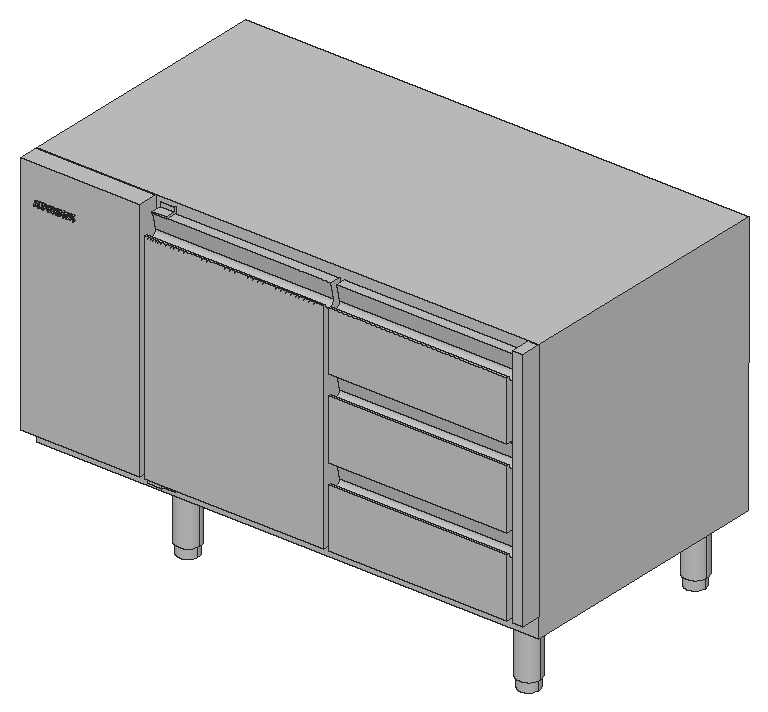
Revit family "QF_ALPENINOX_721106_AA2R7AC", category Attrezzature speciali, Revit 2018 (continued)
Definition of nested family "HP_APX_BI_TN_L"
  Lines and regions (mm)
    Split face 120
      outline origin (330, -951.3, 50) x (1, 0, 0) y (0, 1, 0)
        loop
          line (-328.464, 649.474) -> (-286.464, 649.474)
          arc (-286.464, 649.474) -> (-282.464, 653.474) -> (-286.464, 657.474) r 4
          line (-286.464, 657.474) -> (-328.464, 657.474)
    Split face 121
      outline origin (110, -951.3, 50) x (1, 0, 0) y (0, 1, 0)
        loop
          arc (-218.464, 657.474) -> (-222.464, 653.474) -> (-218.464, 649.474) r 4
          line (-218.464, 649.474) -> (-176.464, 649.474)
          arc (-176.464, 649.474) -> (-172.464, 653.474) -> (-176.464, 657.474) r 4
          line (-176.464, 657.474) -> (-218.464, 657.474)
    Split face 122
      outline origin (220, -951.3, 50) x (1, 0, 0) y (0, 1, 0)
        loop
          arc (-273.464, 657.474) -> (-277.464, 653.474) -> (-273.464, 649.474) r 4
          line (-273.464, 649.474) -> (-231.464, 649.474)
          arc (-231.464, 649.474) -> (-227.464, 653.474) -> (-231.464, 657.474) r 4
          line (-231.464, 657.474) -> (-273.464, 657.474)
    Split face 123
      outline origin (0, -975.3, 50) x (1, 0, 0) y (0, 1, 0)
        loop
          arc (-163.464, 669.474) -> (-167.464, 665.474) -> (-163.464, 661.474) r 4
          line (-163.464, 661.474) -> (-121.464, 661.474)
          arc (-121.464, 661.474) -> (-117.464, 665.474) -> (-121.464, 669.474) r 4
          line (-121.464, 669.474) -> (-163.464, 669.474)
    Split face 124
      outline origin (330, -975.3, 50) x (1, 0, 0) y (0, 1, 0)
        loop
          arc (-328.464, 669.474) -> (-332.464, 665.474) -> (-328.464, 661.474) r 4
          line (-328.464, 661.474) -> (-286.464, 661.474)
          arc (-286.464, 661.474) -> (-282.464, 665.474) -> (-286.464, 669.474) r 4
          line (-286.464, 669.474) -> (-328.464, 669.474)
    Split face 125
      outline origin (110, -975.3, 50) x (1, 0, 0) y (0, 1, 0)
        loop
          arc (-218.464, 669.474) -> (-222.464, 665.474) -> (-218.464, 661.474) r 4
          line (-218.464, 661.474) -> (-176.464, 661.474)
          arc (-176.464, 661.474) -> (-172.464, 665.474) -> (-176.464, 669.474) r 4
          line (-176.464, 669.474) -> (-218.464, 669.474)
    Split face 126
      outline origin (220, -975.3, 50) x (1, 0, 0) y (0, 1, 0)
        loop
          arc (-273.464, 669.474) -> (-277.464, 665.474) -> (-273.464, 661.474) r 4
          line (-273.464, 661.474) -> (-231.464, 661.474)
          arc (-231.464, 661.474) -> (-227.464, 665.474) -> (-231.464, 669.474) r 4
          line (-231.464, 669.474) -> (-273.464, 669.474)
    Split face 127
      outline origin (0, -999.3, 50) x (1, 0, 0) y (0, 1, 0)
        loop
          arc (-163.464, 681.474) -> (-167.464, 677.474) -> (-163.464, 673.474) r 4
          line (-163.464, 673.474) -> (-121.464, 673.474)
          arc (-121.464, 673.474) -> (-117.464, 677.474) -> (-121.464, 681.474) r 4
          line (-121.464, 681.474) -> (-163.464, 681.474)
    Split face 128
      outline origin (330, -999.3, 50) x (1, 0, 0) y (0, 1, 0)
        loop
          arc (-328.464, 681.474) -> (-332.464, 677.474) -> (-328.464, 673.474) r 4
          line (-328.464, 673.474) -> (-286.464, 673.474)
          arc (-286.464, 673.474) -> (-282.464, 677.474) -> (-286.464, 681.474) r 4
          line (-286.464, 681.474) -> (-328.464, 681.474)
    Split face 129
      outline origin (110, -999.3, 50) x (1, 0, 0) y (0, 1, 0)
        loop
          arc (-218.464, 681.474) -> (-222.464, 677.474) -> (-218.464, 673.474) r 4
          line (-218.464, 673.474) -> (-176.464, 673.474)
          arc (-176.464, 673.474) -> (-172.464, 677.474) -> (-176.464, 681.474) r 4
          line (-176.464, 681.474) -> (-218.464, 681.474)
    Split face 130
      outline origin (220, -999.3, 50) x (1, 0, 0) y (0, 1, 0)
        loop
          arc (-273.464, 681.474) -> (-277.464, 677.474) -> (-273.464, 673.474) r 4
          line (-273.464, 673.474) -> (-231.464, 673.474)
          arc (-231.464, 673.474) -> (-227.464, 677.474) -> (-231.464, 681.474) r 4
          line (-231.464, 681.474) -> (-273.464, 681.474)
    Split face 131
      outline origin (0, -1023.3, 50) x (1, 0, 0) y (0, 1, 0)
        loop
          arc (-163.464, 693.474) -> (-167.464, 689.474) -> (-163.464, 685.474) r 4
          line (-163.464, 685.474) -> (-121.464, 685.474)
          arc (-121.464, 685.474) -> (-117.464, 689.474) -> (-121.464, 693.474) r 4
          line (-121.464, 693.474) -> (-163.464, 693.474)
    Split face 132
      outline origin (330, -1023.3, 50) x (1, 0, 0) y (0, 1, 0)
        loop
          arc (-328.464, 693.474) -> (-332.464, 689.474) -> (-328.464, 685.474) r 4
          line (-328.464, 685.474) -> (-286.464, 685.474)
          arc (-286.464, 685.474) -> (-282.464, 689.474) -> (-286.464, 693.474) r 4
          line (-286.464, 693.474) -> (-328.464, 693.474)
    Split face 133
      outline origin (110, -1023.3, 50) x (1, 0, 0) y (0, 1, 0)
        loop
          arc (-218.464, 693.474) -> (-222.464, 689.474) -> (-218.464, 685.474) r 4
          line (-218.464, 685.474) -> (-176.464, 685.474)
          arc (-176.464, 685.474) -> (-172.464, 689.474) -> (-176.464, 693.474) r 4
          line (-176.464, 693.474) -> (-218.464, 693.474)
    Split face 134
      outline origin (220, -1023.3, 50) x (1, 0, 0) y (0, 1, 0)
        loop
          arc (-273.464, 693.474) -> (-277.464, 689.474) -> (-273.464, 685.474) r 4
          line (-273.464, 685.474) -> (-231.464, 685.474)
          arc (-231.464, 685.474) -> (-227.464, 689.474) -> (-231.464, 693.474) r 4
          line (-231.464, 693.474) -> (-273.464, 693.474)
    symbolic lines
      curve 1: line (87.08, -49, 50) -> (87.08, -49, 0)
  Dimensions and locks
    equal spacing: plane 6, plane 1 "Center (Front/Back)", plane 7
    equal spacing: plane 4, plane 3 "Center (Left/Right)", plane 5
    aligned and locked: plane 2 to Extrusion 1
    aligned and locked: level to Extrusion 1
  Automatic sketch dimensions
    Split face 5 sketch curve to Split face 5 sketch curve = 42 mm
    Split face 5 sketch curve to Split face 5 sketch curve = 4 mm
    Split face 6 sketch curve to Split face 6 sketch curve = 42 mm
    Split face 6 sketch curve to Split face 6 sketch curve = 4 mm
    Split face 7 sketch curve to Split face 7 sketch curve = 42 mm
    Split face 7 sketch curve to Split face 7 sketch curve = 4 mm
    Split face 8 sketch curve to Split face 8 sketch curve = 42 mm
    Split face 8 sketch curve to Split face 8 sketch curve = 4 mm
    Split face 9 sketch curve to Split face 9 sketch curve = 42 mm
    Split face 9 sketch curve to Split face 9 sketch curve = 4 mm
    Split face 10 sketch curve to Split face 10 sketch curve = 42 mm
    Split face 10 sketch curve to Split face 10 sketch curve = 4 mm
    Split face 11 sketch curve to Split face 11 sketch curve = 42 mm
    Split face 11 sketch curve to Split face 11 sketch curve = 4 mm
    Split face 12 sketch curve to Split face 12 sketch curve = 42 mm
    Split face 12 sketch curve to Split face 12 sketch curve = 4 mm
    Split face 13 sketch curve to Split face 13 sketch curve = 42 mm
    Split face 13 sketch curve to Split face 13 sketch curve = 4 mm
    Split face 14 sketch curve to Split face 14 sketch curve = 42 mm
    Split face 14 sketch curve to Split face 14 sketch curve = 4 mm
    Split face 15 sketch curve to Split face 15 sketch curve = 42 mm
    Split face 15 sketch curve to Split face 15 sketch curve = 4 mm
    Split face 16 sketch curve to Split face 16 sketch curve = 42 mm
    Split face 16 sketch curve to Split face 16 sketch curve = 4 mm
    Split face 17 sketch curve to Split face 17 sketch curve = 42 mm
    Split face 17 sketch curve to Split face 17 sketch curve = 4 mm
    Split face 18 sketch curve to Split face 18 sketch curve = 42 mm
    Split face 18 sketch curve to Split face 18 sketch curve = 4 mm
    Split face 19 sketch curve to Split face 19 sketch curve = 42 mm
    Split face 19 sketch curve to Split face 19 sketch curve = 4 mm
    Split face 20 sketch curve to Split face 20 sketch curve = 42 mm
    Split face 20 sketch curve to Split face 20 sketch curve = 4 mm
    Split face 21 sketch curve to Split face 21 sketch curve = 42 mm
    Split face 21 sketch curve to Split face 21 sketch curve = 4 mm
    Split face 22 sketch curve to Split face 22 sketch curve = 42 mm
    Split face 22 sketch curve to Split face 22 sketch curve = 4 mm
    Split face 23 sketch curve to Split face 23 sketch curve = 42 mm
    Split face 23 sketch curve to Split face 23 sketch curve = 4 mm
    Split face 24 sketch curve to Split face 24 sketch curve = 42 mm
    Split face 24 sketch curve to Split face 24 sketch curve = 4 mm
    Split face 25 sketch curve to Split face 25 sketch curve = 42 mm
    Split face 25 sketch curve to Split face 25 sketch curve = 4 mm
    Split face 26 sketch curve to Split face 26 sketch curve = 42 mm
    Split face 26 sketch curve to Split face 26 sketch curve = 4 mm
    Split face 27 sketch curve to Split face 27 sketch curve = 42 mm
    Split face 27 sketch curve to Split face 27 sketch curve = 4 mm
    Split face 28 sketch curve to Split face 28 sketch curve = 42 mm
    Split face 28 sketch curve to Split face 28 sketch curve = 4 mm
    Split face 29 sketch curve to Split face 29 sketch curve = 42 mm
    Split face 29 sketch curve to Split face 29 sketch curve = 4 mm
    Split face 30 sketch curve to Split face 30 sketch curve = 42 mm
    Split face 30 sketch curve to Split face 30 sketch curve = 4 mm
    Split face 31 sketch curve to Split face 31 sketch curve = 42 mm
    Split face 31 sketch curve to Split face 31 sketch curve = 4 mm
    Split face 32 sketch curve to Split face 32 sketch curve = 42 mm
    Split face 32 sketch curve to Split face 32 sketch curve = 4 mm
    Split face 33 sketch curve to Split face 33 sketch curve = 42 mm
    Split face 33 sketch curve to Split face 33 sketch curve = 4 mm
    Split face 34 sketch curve to Split face 34 sketch curve = 42 mm
    Split face 34 sketch curve to Split face 34 sketch curve = 4 mm
    Split face 35 sketch curve to Split face 35 sketch curve = 42 mm
    Split face 35 sketch curve to Split face 35 sketch curve = 4 mm
    Split face 36 sketch curve to Split face 36 sketch curve = 42 mm
    Split face 36 sketch curve to Split face 36 sketch curve = 4 mm
    Split face 37 sketch curve to Split face 37 sketch curve = 42 mm
    Split face 37 sketch curve to Split face 37 sketch curve = 4 mm
    Split face 38 sketch curve to Split face 38 sketch curve = 42 mm
    Split face 38 sketch curve to Split face 38 sketch curve = 4 mm
    Split face 39 sketch curve to Split face 39 sketch curve = 42 mm
    Split face 39 sketch curve to Split face 39 sketch curve = 4 mm
    Split face 40 sketch curve to Split face 40 sketch curve = 42 mm
    Split face 40 sketch curve to Split face 40 sketch curve = 4 mm
    Split face 41 sketch curve to Split face 41 sketch curve = 42 mm
    Split face 41 sketch curve to Split face 41 sketch curve = 4 mm
    Split face 42 sketch curve to Split face 42 sketch curve = 42 mm
    Split face 42 sketch curve to Split face 42 sketch curve = 4 mm
    Split face 43 sketch curve to Split face 43 sketch curve = 42 mm
    Split face 43 sketch curve to Split face 43 sketch curve = 4 mm
    Split face 44 sketch curve to Split face 44 sketch curve = 42 mm
    Split face 44 sketch curve to Split face 44 sketch curve = 4 mm
    Split face 45 sketch curve to Split face 45 sketch curve = 42 mm
    Split face 45 sketch curve to Split face 45 sketch curve = 4 mm
    Split face 46 sketch curve to Split face 46 sketch curve = 42 mm
    Split face 46 sketch curve to Split face 46 sketch curve = 4 mm
    Split face 47 sketch curve to Split face 47 sketch curve = 42 mm
    Split face 47 sketch curve to Split face 47 sketch curve = 4 mm
    Split face 48 sketch curve to Split face 48 sketch curve = 42 mm
    Split face 48 sketch curve to Split face 48 sketch curve = 4 mm
    Split face 49 sketch curve to Split face 49 sketch curve = 42 mm
    Split face 49 sketch curve to Split face 49 sketch curve = 4 mm
    Split face 50 sketch curve to Split face 50 sketch curve = 42 mm
    Split face 50 sketch curve to Split face 50 sketch curve = 4 mm
    Split face 51 sketch curve to Split face 51 sketch curve = 42 mm
    Split face 51 sketch curve to Split face 51 sketch curve = 4 mm
    Split face 52 sketch curve to Split face 52 sketch curve = 42 mm
    Split face 52 sketch curve to Split face 52 sketch curve = 4 mm
    Split face 53 sketch curve to Split face 53 sketch curve = 42 mm
    Split face 53 sketch curve to Split face 53 sketch curve = 4 mm
    Split face 54 sketch curve to Split face 54 sketch curve = 42 mm
    Split face 54 sketch curve to Split face 54 sketch curve = 4 mm
    Split face 55 sketch curve to Split face 55 sketch curve = 42 mm
    Split face 55 sketch curve to Split face 55 sketch curve = 4 mm
    Split face 56 sketch curve to Split face 56 sketch curve = 42 mm
    Split face 56 sketch curve to Split face 56 sketch curve = 4 mm
    Split face 57 sketch curve to Split face 57 sketch curve = 42 mm
    Split face 57 sketch curve to Split face 57 sketch curve = 4 mm
    Split face 58 sketch curve to Split face 58 sketch curve = 42 mm
    Split face 58 sketch curve to Split face 58 sketch curve = 4 mm
    Split face 59 sketch curve to Split face 59 sketch curve = 42 mm
    Split face 59 sketch curve to Split face 59 sketch curve = 4 mm
    Split face 60 sketch curve to Split face 60 sketch curve = 42 mm
    Split face 60 sketch curve to Split face 60 sketch curve = 4 mm
    Split face 61 sketch curve to Split face 61 sketch curve = 42 mm
    Split face 61 sketch curve to Split face 61 sketch curve = 4 mm
    Split face 62 sketch curve to Split face 62 sketch curve = 42 mm
    Split face 62 sketch curve to Split face 62 sketch curve = 4 mm
    Split face 63 sketch curve to Split face 63 sketch curve = 42 mm
    Split face 63 sketch curve to Split face 63 sketch curve = 4 mm
    Split face 64 sketch curve to Split face 64 sketch curve = 42 mm
    Split face 64 sketch curve to Split face 64 sketch curve = 4 mm
    Split face 65 sketch curve to Split face 65 sketch curve = 42 mm
    Split face 65 sketch curve to Split face 65 sketch curve = 4 mm
    Split face 66 sketch curve to Split face 66 sketch curve = 42 mm
    Split face 66 sketch curve to Split face 66 sketch curve = 4 mm
    Split face 67 sketch curve to Split face 67 sketch curve = 42 mm
    Split face 67 sketch curve to Split face 67 sketch curve = 4 mm
    Split face 68 sketch curve to Split face 68 sketch curve = 42 mm
    Split face 68 sketch curve to Split face 68 sketch curve = 4 mm
    Split face 69 sketch curve to Split face 69 sketch curve = 42 mm
    Split face 69 sketch curve to Split face 69 sketch curve = 4 mm
    Split face 71 sketch curve to Split face 71 sketch curve = 42 mm
    Split face 71 sketch curve to Split face 71 sketch curve = 4 mm
    Split face 72 sketch curve to Split face 72 sketch curve = 42 mm
    Split face 72 sketch curve to Split face 72 sketch curve = 4 mm
    Split face 73 sketch curve to Split face 73 sketch curve = 42 mm
    Split face 73 sketch curve to Split face 73 sketch curve = 4 mm
    Split face 74 sketch curve to Split face 74 sketch curve = 42 mm
    Split face 74 sketch curve to Split face 74 sketch curve = 4 mm
    Split face 75 sketch curve to Split face 75 sketch curve = 42 mm
    Split face 75 sketch curve to Split face 75 sketch curve = 4 mm
    Split face 76 sketch curve to Split face 76 sketch curve = 42 mm
    Split face 76 sketch curve to Split face 76 sketch curve = 4 mm
    Split face 77 sketch curve to Split face 77 sketch curve = 42 mm
    Split face 77 sketch curve to Split face 77 sketch curve = 4 mm
    Split face 78 sketch curve to Split face 78 sketch curve = 42 mm
    Split face 78 sketch curve to Split face 78 sketch curve = 4 mm
    Split face 79 sketch curve to Split face 79 sketch curve = 42 mm
    Split face 79 sketch curve to Split face 79 sketch curve = 4 mm
    Split face 80 sketch curve to Split face 80 sketch curve = 42 mm
    Split face 80 sketch curve to Split face 80 sketch curve = 4 mm
    Split face 81 sketch curve to Split face 81 sketch curve = 42 mm
    Split face 81 sketch curve to Split face 81 sketch curve = 4 mm
    Split face 82 sketch curve to Split face 82 sketch curve = 42 mm
    Split face 82 sketch curve to Split face 82 sketch curve = 4 mm
    Split face 83 sketch curve to Split face 83 sketch curve = 42 mm
    Split face 83 sketch curve to Split face 83 sketch curve = 4 mm
    Split face 84 sketch curve to Split face 84 sketch curve = 42 mm
    Split face 84 sketch curve to Split face 84 sketch curve = 4 mm
    Split face 85 sketch curve to Split face 85 sketch curve = 42 mm
    Split face 85 sketch curve to Split face 85 sketch curve = 4 mm
    Split face 86 sketch curve to Split face 86 sketch curve = 42 mm
    Split face 86 sketch curve to Split face 86 sketch curve = 4 mm
    Split face 87 sketch curve to Split face 87 sketch curve = 42 mm
    Split face 87 sketch curve to Split face 87 sketch curve = 4 mm
    Split face 88 sketch curve to Split face 88 sketch curve = 42 mm
    Split face 88 sketch curve to Split face 88 sketch curve = 4 mm
    Split face 89 sketch curve to Split face 89 sketch curve = 42 mm
    Split face 89 sketch curve to Split face 89 sketch curve = 4 mm
    Split face 90 sketch curve to Split face 90 sketch curve = 42 mm
    Split face 90 sketch curve to Split face 90 sketch curve = 4 mm
    Split face 91 sketch curve to Split face 91 sketch curve = 42 mm
    Split face 91 sketch curve to Split face 91 sketch curve = 4 mm
    Split face 92 sketch curve to Split face 92 sketch curve = 42 mm
    Split face 92 sketch curve to Split face 92 sketch curve = 4 mm
    Split face 93 sketch curve to Split face 93 sketch curve = 42 mm
    Split face 93 sketch curve to Split face 93 sketch curve = 4 mm
    Split face 94 sketch curve to Split face 94 sketch curve = 42 mm
    Split face 94 sketch curve to Split face 94 sketch curve = 4 mm
    Split face 95 sketch curve to Split face 95 sketch curve = 42 mm
    Split face 95 sketch curve to Split face 95 sketch curve = 4 mm
    Split face 96 sketch curve to Split face 96 sketch curve = 42 mm
    Split face 96 sketch curve to Split face 96 sketch curve = 4 mm
    Split face 97 sketch curve to Split face 97 sketch curve = 42 mm
    Split face 97 sketch curve to Split face 97 sketch curve = 4 mm
    Split face 98 sketch curve to Split face 98 sketch curve = 42 mm
    Split face 98 sketch curve to Split face 98 sketch curve = 4 mm
    Split face 99 sketch curve to Split face 99 sketch curve = 42 mm
    Split face 99 sketch curve to Split face 99 sketch curve = 4 mm
    Split face 100 sketch curve to Split face 100 sketch curve = 42 mm
    Split face 100 sketch curve to Split face 100 sketch curve = 4 mm
    Split face 101 sketch curve to Split face 101 sketch curve = 42 mm
    Split face 101 sketch curve to Split face 101 sketch curve = 4 mm
    Split face 102 sketch curve to Split face 102 sketch curve = 42 mm
    Split face 102 sketch curve to Split face 102 sketch curve = 4 mm
    Split face 103 sketch curve to Split face 103 sketch curve = 42 mm
    Split face 103 sketch curve to Split face 103 sketch curve = 4 mm
    Split face 104 sketch curve to Split face 104 sketch curve = 42 mm
    Split face 104 sketch curve to Split face 104 sketch curve = 4 mm
    Split face 105 sketch curve to Split face 105 sketch curve = 42 mm
    Split face 105 sketch curve to Split face 105 sketch curve = 4 mm
    Split face 106 sketch curve to Split face 106 sketch curve = 42 mm
    Split face 106 sketch curve to Split face 106 sketch curve = 4 mm
    Split face 107 sketch curve to Split face 107 sketch curve = 42 mm
    Split face 107 sketch curve to Split face 107 sketch curve = 4 mm
    Split face 108 sketch curve to Split face 108 sketch curve = 42 mm
    Split face 108 sketch curve to Split face 108 sketch curve = 4 mm
    Split face 109 sketch curve to Split face 109 sketch curve = 42 mm
    Split face 109 sketch curve to Split face 109 sketch curve = 4 mm
    Split face 110 sketch curve to Split face 110 sketch curve = 42 mm
    Split face 110 sketch curve to Split face 110 sketch curve = 4 mm
    Split face 111 sketch curve to Split face 111 sketch curve = 42 mm
    Split face 111 sketch curve to Split face 111 sketch curve = 4 mm
    Split face 112 sketch curve to Split face 112 sketch curve = 42 mm
    Split face 112 sketch curve to Split face 112 sketch curve = 4 mm
    Split face 113 sketch curve to Split face 113 sketch curve = 42 mm
    Split face 113 sketch curve to Split face 113 sketch curve = 4 mm
    Split face 114 sketch curve to Split face 114 sketch curve = 42 mm
    Split face 114 sketch curve to Split face 114 sketch curve = 4 mm
    Split face 115 sketch curve to Split face 115 sketch curve = 42 mm
    Split face 115 sketch curve to Split face 115 sketch curve = 4 mm
    Split face 116 sketch curve to Split face 116 sketch curve = 42 mm
    Split face 116 sketch curve to Split face 116 sketch curve = 4 mm
    Split face 117 sketch curve to Split face 117 sketch curve = 42 mm
    Split face 117 sketch curve to Split face 117 sketch curve = 4 mm
    Split face 118 sketch curve to Split face 118 sketch curve = 42 mm
    Split face 118 sketch curve to Split face 118 sketch curve = 4 mm
    Split face 119 sketch curve to Split face 119 sketch curve = 42 mm
    Split face 119 sketch curve to Split face 119 sketch curve = 4 mm
    Split face 120 sketch curve to Split face 120 sketch curve = 42 mm
    Split face 120 sketch curve to Split face 120 sketch curve = 4 mm
    Split face 121 sketch curve to Split face 121 sketch curve = 42 mm
    Split face 121 sketch curve to Split face 121 sketch curve = 4 mm
    Split face 122 sketch curve to Split face 122 sketch curve = 42 mm
    Split face 122 sketch curve to Split face 122 sketch curve = 4 mm
    Split face 123 sketch curve to Split face 123 sketch curve = 42 mm
    Split face 123 sketch curve to Split face 123 sketch curve = 4 mm
    Split face 124 sketch curve to Split face 124 sketch curve = 42 mm
    Split face 124 sketch curve to Split face 124 sketch curve = 4 mm
    Split face 125 sketch curve to Split face 125 sketch curve = 42 mm
    Split face 125 sketch curve to Split face 125 sketch curve = 4 mm
    Split face 126 sketch curve to Split face 126 sketch curve = 42 mm
    Split face 126 sketch curve to Split face 126 sketch curve = 4 mm
    Split face 127 sketch curve to Split face 127 sketch curve = 42 mm
    Split face 127 sketch curve to Split face 127 sketch curve = 4 mm
    Split face 128 sketch curve to Split face 128 sketch curve = 42 mm
    Split face 128 sketch curve to Split face 128 sketch curve = 4 mm
    Split face 129 sketch curve to Split face 129 sketch curve = 42 mm
    Split face 129 sketch curve to Split face 129 sketch curve = 4 mm
    Split face 130 sketch curve to Split face 130 sketch curve = 42 mm
    Split face 130 sketch curve to Split face 130 sketch curve = 4 mm
    Split face 131 sketch curve to Split face 131 sketch curve = 42 mm
    Split face 131 sketch curve to Split face 131 sketch curve = 4 mm
    Split face 132 sketch curve to Split face 132 sketch curve = 42 mm
    Split face 132 sketch curve to Split face 132 sketch curve = 4 mm
    Split face 133 sketch curve to Split face 133 sketch curve = 42 mm
    Split face 133 sketch curve to Split face 133 sketch curve = 4 mm
    Split face 134 sketch curve to Split face 134 sketch curve = 42 mm
    Split face 134 sketch curve to Split face 134 sketch curve = 4 mm
    Extrusion 1 sketch curve to Extrusion 1 sketch curve = 2438.4 mm  (x2)
    Extrusion 2 sketch curve to plane 4 = 0 mm
    Extrusion 2 sketch curve to plane 5 = 0 mm
    Extrusion 2 sketch curve to plane 7 = 0 mm
    Extrusion 2 sketch curve to plane 6 = 0 mm
    Split face 1 sketch curve to Extrusion 2 = 0 mm  (x2)
    Split face 1 sketch curve to Extrusion 2 = 34 mm
    Split face 1 sketch curve to Extrusion 2 = 104 mm
    Split face 1 sketch curve to Split face 1 sketch curve = 17.5 mm
    Split face 2 sketch curve to Extrusion 2 = 130.5 mm
    Split face 2 sketch curve to Extrusion 2 = 60.5 mm
    Split face 2 sketch curve to Extrusion 2 = 98 mm
    Split face 2 sketch curve to Split face 2 sketch curve = 23 mm
    Split face 3 sketch curve to Extrusion 2 = 80.5 mm
    Split face 3 sketch curve to Split face 3 sketch curve = 17 mm  (x2)
    Split face 3 sketch curve to Extrusion 2 = 95 mm
    plane 4 to Extrusion 3 sketch curve = 34.51 mm
    Extrusion 3 sketch curve to Extrusion 3 sketch curve = 1.266 mm
    Extrusion 3 sketch curve to Extrusion 3 sketch curve = 1.307 mm
    Extrusion 3 sketch curve to Extrusion 3 sketch curve = 0.57 mm
    Extrusion 3 sketch curve to Extrusion 3 sketch curve = 0.593 mm
    Extrusion 3 sketch curve to Extrusion 3 sketch curve = 0.799 mm
    Extrusion 3 sketch curve to Extrusion 3 sketch curve = 1.99 mm  (x2)
    Extrusion 3 sketch curve to Extrusion 3 sketch curve = 0.003 mm
    Extrusion 3 sketch curve to Extrusion 3 sketch curve = 3.534 mm
    Extrusion 3 sketch curve to Extrusion 3 sketch curve = 0.835 mm
    Extrusion 3 sketch curve to Extrusion 3 sketch curve = 0.56 mm
    Extrusion 3 sketch curve to Extrusion 3 sketch curve = 1.268 mm
    Extrusion 3 sketch curve to Extrusion 3 sketch curve = 1.223 mm
    Extrusion 3 sketch curve to Extrusion 3 sketch curve = 1.344 mm
    Extrusion 3 sketch curve to Extrusion 3 sketch curve = 1.394 mm  (x2)
    Extrusion 3 sketch curve to Extrusion 3 sketch curve = 1.512 mm
    Extrusion 3 sketch curve to Extrusion 3 sketch curve = 3.309 mm
    Extrusion 3 sketch curve to Extrusion 3 sketch curve = 5.841 mm
    Extrusion 3 sketch curve to Extrusion 3 sketch curve = 1.393 mm
    Extrusion 3 sketch curve to Extrusion 3 sketch curve = 1.439 mm
    Extrusion 3 sketch curve to Extrusion 3 sketch curve = 0 mm  (x19)
    Extrusion 3 sketch curve to Extrusion 3 sketch curve = 1.902 mm
    Extrusion 3 sketch curve to Extrusion 3 sketch curve = 0.052 mm
    Extrusion 3 sketch curve to Extrusion 3 sketch curve = 2.065 mm
    Extrusion 3 sketch curve to Extrusion 3 sketch curve = 0.647 mm
    Extrusion 3 sketch curve to Extrusion 3 sketch curve = 8.079 mm
    Extrusion 3 sketch curve to Extrusion 3 sketch curve = 0.073 mm
    Extrusion 3 sketch curve to Extrusion 3 sketch curve = 2.145 mm
    Extrusion 3 sketch curve to Extrusion 3 sketch curve = 2.931 mm
    Extrusion 3 sketch curve to Extrusion 3 sketch curve = 0.213 mm
    Extrusion 3 sketch curve to Extrusion 3 sketch curve = 0.026 mm
    Extrusion 3 sketch curve to Extrusion 3 sketch curve = 0.263 mm
    Extrusion 3 sketch curve to Extrusion 3 sketch curve = 0.516 mm
    Extrusion 3 sketch curve to Extrusion 3 sketch curve = 0.356 mm
    Extrusion 3 sketch curve to Extrusion 3 sketch curve = 0.387 mm
    Extrusion 3 sketch curve to Extrusion 3 sketch curve = 2.378 mm
    Extrusion 3 sketch curve to Extrusion 3 sketch curve = 2.466 mm
    Extrusion 3 sketch curve to Extrusion 3 sketch curve = 0.602 mm
    Extrusion 3 sketch curve to Extrusion 3 sketch curve = 1.02 mm
    Extrusion 3 sketch curve to Extrusion 3 sketch curve = 0.949 mm
    Extrusion 3 sketch curve to Extrusion 3 sketch curve = 1.728 mm
    Extrusion 3 sketch curve to Extrusion 3 sketch curve = 0.157 mm  (x2)
    Extrusion 3 sketch curve to Extrusion 3 sketch curve = 0.292 mm
    Extrusion 3 sketch curve to Extrusion 3 sketch curve = 3.565 mm
    Extrusion 3 sketch curve to Extrusion 3 sketch curve = 1.396 mm  (x2)
    Extrusion 3 sketch curve to Extrusion 3 sketch curve = 1.418 mm  (x2)
    Extrusion 3 sketch curve to Extrusion 3 sketch curve = 1.151 mm  (x2)
    Extrusion 3 sketch curve to Extrusion 3 sketch curve = 5.709 mm  (x2)
    Extrusion 3 sketch curve to Extrusion 3 sketch curve = 0.224 mm  (x2)
    Extrusion 3 sketch curve to Extrusion 3 sketch curve = 1.149 mm  (x2)
    Extrusion 3 sketch curve to Extrusion 3 sketch curve = 1.395 mm  (x2)
    Extrusion 3 sketch curve to Extrusion 3 sketch curve = 1.744 mm
    Extrusion 3 sketch curve to Extrusion 3 sketch curve = 1.745 mm
    Extrusion 3 sketch curve to Extrusion 3 sketch curve = 6.963 mm
    Extrusion 3 sketch curve to Extrusion 3 sketch curve = 0.493 mm  (x3)
    Extrusion 3 sketch curve to Extrusion 3 sketch curve = 0.273 mm  (x2)
    Extrusion 3 sketch curve to Extrusion 3 sketch curve = 0.021 mm  (x2)
    Extrusion 3 sketch curve to Extrusion 3 sketch curve = 0.226 mm  (x2)
    Extrusion 3 sketch curve to Extrusion 3 sketch curve = 0.268 mm  (x2)
    Extrusion 3 sketch curve to Extrusion 3 sketch curve = 0.294 mm
    Extrusion 3 sketch curve to Extrusion 3 sketch curve = 5.238 mm
    Extrusion 3 sketch curve to Extrusion 3 sketch curve = 5.908 mm
    Extrusion 3 sketch curve to Extrusion 3 sketch curve = 1.109 mm  (x2)
    Extrusion 3 sketch curve to Extrusion 3 sketch curve = 1.108 mm  (x2)
    Extrusion 3 sketch curve to Extrusion 3 sketch curve = 1.142 mm  (x2)
    Extrusion 3 sketch curve to Extrusion 3 sketch curve = 1.216 mm  (x2)
    Extrusion 3 sketch curve to Extrusion 3 sketch curve = 3.013 mm
    Extrusion 3 sketch curve to Extrusion 3 sketch curve = 1.616 mm  (x3)
    Extrusion 3 sketch curve to Extrusion 3 sketch curve = 2.305 mm
    Extrusion 3 sketch curve to Extrusion 3 sketch curve = 3.049 mm
    Extrusion 3 sketch curve to plane 6 = 93.469 mm
    Extrusion 3 sketch curve to Extrusion 3 sketch curve = 0.498 mm
    Extrusion 3 sketch curve to Extrusion 3 sketch curve = 0.682 mm
    Extrusion 3 sketch curve to Extrusion 3 sketch curve = 0.664 mm
    Extrusion 3 sketch curve to Extrusion 3 sketch curve = 0.425 mm
    Extrusion 3 sketch curve to Extrusion 3 sketch curve = 0.41 mm
    Extrusion 3 sketch curve to Extrusion 3 sketch curve = 1.272 mm
    Extrusion 3 sketch curve to Extrusion 3 sketch curve = 0.789 mm  (x2)
    Extrusion 3 sketch curve to Extrusion 3 sketch curve = 0.056 mm
    Extrusion 3 sketch curve to Extrusion 3 sketch curve = 0.83 mm
    Extrusion 3 sketch curve to Extrusion 3 sketch curve = 1.238 mm
    Extrusion 3 sketch curve to Extrusion 3 sketch curve = 1.732 mm
    Extrusion 3 sketch curve to Extrusion 3 sketch curve = 0.346 mm
    Extrusion 3 sketch curve to Extrusion 3 sketch curve = 1.123 mm
    Extrusion 3 sketch curve to Extrusion 3 sketch curve = 3.023 mm
    Extrusion 3 sketch curve to Extrusion 3 sketch curve = 4.203 mm
    Extrusion 3 sketch curve to Extrusion 3 sketch curve = 3.452 mm  (x2)
    Extrusion 3 sketch curve to Extrusion 3 sketch curve = 2.544 mm
    Extrusion 3 sketch curve to Extrusion 3 sketch curve = 1.177 mm
    Extrusion 3 sketch curve to Extrusion 3 sketch curve = 3.261 mm
    Extrusion 3 sketch curve to Extrusion 3 sketch curve = 0.352 mm  (x2)
    Extrusion 3 sketch curve to Extrusion 3 sketch curve = 1.987 mm
    Extrusion 3 sketch curve to Extrusion 3 sketch curve = 0.171 mm
    Extrusion 3 sketch curve to Extrusion 3 sketch curve = 0.533 mm  (x3)
    Extrusion 3 sketch curve to Extrusion 3 sketch curve = 0.14 mm  (x4)
    Extrusion 3 sketch curve to Extrusion 3 sketch curve = 0.473 mm
    Extrusion 3 sketch curve to Extrusion 3 sketch curve = 0.31 mm  (x2)
    Extrusion 3 sketch curve to Extrusion 3 sketch curve = 0.075 mm
    Extrusion 3 sketch curve to Extrusion 3 sketch curve = 2.431 mm
    Extrusion 3 sketch curve to Extrusion 3 sketch curve = 2.32 mm  (x2)
    Extrusion 3 sketch curve to Extrusion 3 sketch curve = 1.992 mm
    Extrusion 3 sketch curve to Extrusion 3 sketch curve = 0.674 mm
    Extrusion 3 sketch curve to Extrusion 3 sketch curve = 0.732 mm
    Extrusion 3 sketch curve to Extrusion 3 sketch curve = 0.388 mm
    Extrusion 3 sketch curve to Extrusion 3 sketch curve = 0.121 mm
    Extrusion 3 sketch curve to Extrusion 3 sketch curve = 2.589 mm
    Extrusion 3 sketch curve to Extrusion 3 sketch curve = 0.662 mm
    Extrusion 3 sketch curve to Extrusion 3 sketch curve = 3.473 mm
    Extrusion 3 sketch curve to Extrusion 3 sketch curve = 0.681 mm
    Extrusion 3 sketch curve to Extrusion 3 sketch curve = 1.615 mm
    Extrusion 3 sketch curve to Extrusion 3 sketch curve = 0.34 mm
    Extrusion 3 sketch curve to Extrusion 3 sketch curve = 2.288 mm
    Extrusion 3 sketch curve to Extrusion 3 sketch curve = 0.942 mm
    Extrusion 3 sketch curve to Extrusion 3 sketch curve = 5.4 mm
    Extrusion 3 sketch curve to Extrusion 3 sketch curve = 1.768 mm  (x2)
    Extrusion 3 sketch curve to Extrusion 3 sketch curve = 0.761 mm
    Extrusion 3 sketch curve to Extrusion 3 sketch curve = 0.996 mm
    Extrusion 3 sketch curve to Extrusion 3 sketch curve = 3.543 mm  (x2)
    Extrusion 3 sketch curve to Extrusion 3 sketch curve = 7.017 mm
    Extrusion 3 sketch curve to Extrusion 3 sketch curve = 0.11 mm
    Extrusion 3 sketch curve to Extrusion 3 sketch curve = 0.823 mm  (x2)
    Extrusion 3 sketch curve to Extrusion 3 sketch curve = 0.947 mm
    Extrusion 3 sketch curve to Extrusion 3 sketch curve = 3.837 mm
    Extrusion 3 sketch curve to Extrusion 3 sketch curve = 0.623 mm
    Extrusion 3 sketch curve to Extrusion 3 sketch curve = 1.082 mm
    Extrusion 3 sketch curve to Extrusion 3 sketch curve = 0.801 mm
    Extrusion 3 sketch curve to Extrusion 3 sketch curve = 1 mm
    Extrusion 3 sketch curve to Extrusion 3 sketch curve = 0.089 mm
    Extrusion 3 sketch curve to Extrusion 3 sketch curve = 4.257 mm
    Extrusion 3 sketch curve to Extrusion 3 sketch curve = 4.345 mm  (x2)
    Extrusion 3 sketch curve to Extrusion 3 sketch curve = 2.576 mm
    Extrusion 3 sketch curve to Extrusion 3 sketch curve = 1.385 mm  (x4)
    Extrusion 3 sketch curve to Extrusion 3 sketch curve = 2.133 mm  (x4)
    Extrusion 3 sketch curve to Extrusion 3 sketch curve = 3.518 mm
    Extrusion 3 sketch curve to Extrusion 3 sketch curve = 5.603 mm
    Extrusion 3 sketch curve to Extrusion 3 sketch curve = 2.571 mm
    Split face 4 sketch curve to Extrusion 2 = 0 mm  (x2)
    Split face 4 sketch curve to Extrusion 2 = 64 mm
    Extrusion 4 sketch curve to Extrusion 4 sketch curve = 294 mm
    Extrusion 4 sketch curve to Extrusion 4 sketch curve = 652 mm
    Split face 70 sketch curve to Extrusion 2 = 0 mm  (x2)
    Split face 70 sketch curve to Extrusion 2 = 109 mm
    Split face 5 sketch curve to Extrusion 2 = 43.456 mm
    Split face 5 sketch curve to Extrusion 2 = 128.176 mm
    Split face 6 sketch curve to Extrusion 2 = 85.544 mm
    Split face 6 sketch curve to Extrusion 2 = 128.176 mm
    Split face 7 sketch curve to Extrusion 2 = 98.456 mm
    Split face 7 sketch curve to Extrusion 2 = 128.176 mm
    Split face 8 sketch curve to Extrusion 2 = 140.544 mm
    Split face 8 sketch curve to Extrusion 2 = 128.176 mm
    Split face 10 sketch curve to Extrusion 2 = 43.456 mm
    Split face 10 sketch curve to Extrusion 2 = 140.176 mm
    Split face 11 sketch curve to Extrusion 2 = 85.544 mm
    Split face 11 sketch curve to Extrusion 2 = 140.176 mm
    Split face 12 sketch curve to Extrusion 2 = 98.456 mm
    Split face 12 sketch curve to Extrusion 2 = 140.176 mm
    Split face 13 sketch curve to Extrusion 2 = 140.544 mm
    Split face 13 sketch curve to Extrusion 2 = 140.176 mm
    Split face 14 sketch curve to Extrusion 2 = 43.456 mm
    Split face 14 sketch curve to Extrusion 2 = 152.176 mm
    Split face 15 sketch curve to Extrusion 2 = 85.544 mm
    Split face 15 sketch curve to Extrusion 2 = 152.176 mm
    Split face 16 sketch curve to Extrusion 2 = 98.456 mm
    Split face 16 sketch curve to Extrusion 2 = 152.176 mm
    Split face 17 sketch curve to Extrusion 2 = 140.544 mm
    Split face 17 sketch curve to Extrusion 2 = 152.176 mm
    Split face 18 sketch curve to Extrusion 2 = 43.456 mm
    Split face 18 sketch curve to Extrusion 2 = 164.176 mm
    Split face 19 sketch curve to Extrusion 2 = 85.544 mm
    Split face 19 sketch curve to Extrusion 2 = 164.176 mm
    Split face 20 sketch curve to Extrusion 2 = 98.456 mm
    Split face 20 sketch curve to Extrusion 2 = 164.176 mm
    Split face 21 sketch curve to Extrusion 2 = 140.544 mm
    Split face 21 sketch curve to Extrusion 2 = 164.176 mm
    Split face 22 sketch curve to Extrusion 2 = 43.456 mm
    Split face 22 sketch curve to Extrusion 2 = 176.176 mm
    Split face 23 sketch curve to Extrusion 2 = 85.544 mm
    Split face 23 sketch curve to Extrusion 2 = 176.176 mm
    Split face 24 sketch curve to Extrusion 2 = 98.456 mm
    Split face 24 sketch curve to Extrusion 2 = 176.176 mm
    Split face 25 sketch curve to Extrusion 2 = 140.544 mm
    Split face 25 sketch curve to Extrusion 2 = 176.176 mm
    Split face 26 sketch curve to Extrusion 2 = 43.456 mm
    Split face 26 sketch curve to Extrusion 2 = 188.176 mm
    Split face 27 sketch curve to Extrusion 2 = 85.544 mm
    Split face 27 sketch curve to Extrusion 2 = 188.176 mm
    Split face 28 sketch curve to Extrusion 2 = 98.456 mm
    Split face 28 sketch curve to Extrusion 2 = 188.176 mm
    Split face 29 sketch curve to Extrusion 2 = 140.544 mm
    Split face 29 sketch curve to Extrusion 2 = 188.176 mm
    Split face 30 sketch curve to Extrusion 2 = 43.456 mm
    Split face 30 sketch curve to Extrusion 2 = 200.176 mm
    Split face 31 sketch curve to Extrusion 2 = 85.544 mm
    Split face 31 sketch curve to Extrusion 2 = 200.176 mm
    Split face 32 sketch curve to Extrusion 2 = 98.456 mm
    Split face 32 sketch curve to Extrusion 2 = 200.176 mm
    Split face 33 sketch curve to Extrusion 2 = 140.544 mm
    Split face 33 sketch curve to Extrusion 2 = 200.176 mm
    Split face 34 sketch curve to Extrusion 2 = 43.456 mm
    Split face 34 sketch curve to Extrusion 2 = 212.176 mm
    Split face 35 sketch curve to Extrusion 2 = 85.544 mm
    Split face 35 sketch curve to Extrusion 2 = 212.176 mm
    Split face 36 sketch curve to Extrusion 2 = 98.456 mm
    Split face 36 sketch curve to Extrusion 2 = 212.176 mm
    Split face 37 sketch curve to Extrusion 2 = 140.544 mm
    Split face 37 sketch curve to Extrusion 2 = 212.176 mm
    Split face 38 sketch curve to Extrusion 2 = 43.456 mm
    Split face 38 sketch curve to Extrusion 2 = 224.176 mm
    Split face 39 sketch curve to Extrusion 2 = 85.544 mm
    Split face 39 sketch curve to Extrusion 2 = 224.176 mm
    Split face 40 sketch curve to Extrusion 2 = 98.456 mm
    Split face 40 sketch curve to Extrusion 2 = 224.176 mm
    Split face 41 sketch curve to Extrusion 2 = 140.544 mm
    Split face 41 sketch curve to Extrusion 2 = 224.176 mm
    Split face 42 sketch curve to Extrusion 2 = 43.456 mm
    Split face 42 sketch curve to Extrusion 2 = 236.176 mm
    Split face 43 sketch curve to Extrusion 2 = 85.544 mm
    Split face 43 sketch curve to Extrusion 2 = 236.176 mm
    Split face 44 sketch curve to Extrusion 2 = 98.456 mm
    Split face 44 sketch curve to Extrusion 2 = 236.176 mm
    Split face 45 sketch curve to Extrusion 2 = 140.544 mm
    Split face 45 sketch curve to Extrusion 2 = 236.176 mm
    Split face 46 sketch curve to Extrusion 2 = 43.456 mm
    Split face 46 sketch curve to Extrusion 2 = 248.176 mm
    Split face 47 sketch curve to Extrusion 2 = 85.544 mm
    Split face 47 sketch curve to Extrusion 2 = 248.176 mm
    Split face 48 sketch curve to Extrusion 2 = 98.456 mm
    Split face 48 sketch curve to Extrusion 2 = 248.176 mm
    Split face 49 sketch curve to Extrusion 2 = 140.544 mm
    Split face 49 sketch curve to Extrusion 2 = 248.176 mm
    Split face 50 sketch curve to Extrusion 2 = 43.456 mm
    Split face 50 sketch curve to Extrusion 2 = 260.176 mm
    Split face 51 sketch curve to Extrusion 2 = 85.544 mm
    Split face 51 sketch curve to Extrusion 2 = 260.176 mm
    Split face 52 sketch curve to Extrusion 2 = 98.456 mm
    Split face 52 sketch curve to Extrusion 2 = 260.176 mm
    Split face 53 sketch curve to Extrusion 2 = 140.544 mm
    Split face 53 sketch curve to Extrusion 2 = 260.176 mm
    Split face 54 sketch curve to Extrusion 2 = 43.456 mm
    Split face 54 sketch curve to Extrusion 2 = 272.176 mm
    Split face 55 sketch curve to Extrusion 2 = 85.544 mm
    Split face 55 sketch curve to Extrusion 2 = 272.176 mm
    Split face 56 sketch curve to Extrusion 2 = 98.456 mm
    Split face 56 sketch curve to Extrusion 2 = 272.176 mm
    Split face 57 sketch curve to Extrusion 2 = 140.544 mm
    Split face 57 sketch curve to Extrusion 2 = 272.176 mm
    Split face 58 sketch curve to Extrusion 2 = 43.456 mm
    Split face 58 sketch curve to Extrusion 2 = 284.176 mm
    Split face 59 sketch curve to Extrusion 2 = 85.544 mm
    Split face 59 sketch curve to Extrusion 2 = 284.176 mm
    Split face 60 sketch curve to Extrusion 2 = 98.456 mm
    Split face 60 sketch curve to Extrusion 2 = 284.176 mm
    Split face 61 sketch curve to Extrusion 2 = 140.544 mm
    Split face 61 sketch curve to Extrusion 2 = 284.176 mm
    Split face 62 sketch curve to Extrusion 2 = 43.456 mm
    Split face 62 sketch curve to Extrusion 2 = 296.176 mm
    Split face 63 sketch curve to Extrusion 2 = 85.544 mm
    Split face 63 sketch curve to Extrusion 2 = 296.176 mm
    Split face 64 sketch curve to Extrusion 2 = 98.456 mm
    Split face 64 sketch curve to Extrusion 2 = 296.176 mm
    Split face 65 sketch curve to Extrusion 2 = 140.544 mm
    Split face 65 sketch curve to Extrusion 2 = 296.176 mm
    Split face 66 sketch curve to Extrusion 2 = 43.456 mm
    Split face 66 sketch curve to Extrusion 2 = 308.176 mm
    Split face 67 sketch curve to Extrusion 2 = 85.544 mm
    Split face 67 sketch curve to Extrusion 2 = 308.176 mm
    Split face 68 sketch curve to Extrusion 2 = 98.456 mm
    Split face 68 sketch curve to Extrusion 2 = 308.176 mm
    Split face 69 sketch curve to Extrusion 2 = 140.544 mm
    Split face 69 sketch curve to Extrusion 2 = 308.176 mm
    Split face 71 sketch curve to Extrusion 2 = 43.456 mm
    Split face 71 sketch curve to Extrusion 2 = 192.174 mm
    Split face 72 sketch curve to Extrusion 2 = 85.544 mm
    Split face 72 sketch curve to Extrusion 2 = 192.174 mm
    Split face 73 sketch curve to Extrusion 2 = 98.456 mm
    Split face 73 sketch curve to Extrusion 2 = 192.174 mm
    Split face 74 sketch curve to Extrusion 2 = 140.544 mm
    Split face 74 sketch curve to Extrusion 2 = 192.174 mm
    Split face 75 sketch curve to Extrusion 2 = 43.456 mm
    Split face 75 sketch curve to Extrusion 2 = 180.174 mm
    Split face 76 sketch curve to Extrusion 2 = 85.544 mm
    Split face 76 sketch curve to Extrusion 2 = 180.174 mm
    Split face 77 sketch curve to Extrusion 2 = 98.456 mm
    Split face 77 sketch curve to Extrusion 2 = 180.174 mm
    Split face 78 sketch curve to Extrusion 2 = 140.544 mm
    Split face 78 sketch curve to Extrusion 2 = 180.174 mm
    Split face 79 sketch curve to Extrusion 2 = 43.456 mm
    Split face 79 sketch curve to Extrusion 2 = 168.174 mm
    Split face 80 sketch curve to Extrusion 2 = 85.544 mm
    Split face 80 sketch curve to Extrusion 2 = 168.174 mm
    Split face 81 sketch curve to Extrusion 2 = 98.456 mm
    Split face 81 sketch curve to Extrusion 2 = 168.174 mm
    Split face 82 sketch curve to Extrusion 2 = 140.544 mm
    Split face 82 sketch curve to Extrusion 2 = 168.174 mm
    Split face 83 sketch curve to Extrusion 2 = 43.456 mm
    Split face 83 sketch curve to Extrusion 2 = 156.174 mm
    Split face 84 sketch curve to Extrusion 2 = 85.544 mm
    Split face 84 sketch curve to Extrusion 2 = 156.174 mm
    Split face 85 sketch curve to Extrusion 2 = 98.456 mm
    Split face 85 sketch curve to Extrusion 2 = 156.174 mm
    Split face 86 sketch curve to Extrusion 2 = 140.544 mm
    Split face 86 sketch curve to Extrusion 2 = 156.174 mm
    Split face 87 sketch curve to Extrusion 2 = 43.456 mm
    Split face 87 sketch curve to Extrusion 2 = 144.174 mm
    Split face 88 sketch curve to Extrusion 2 = 85.544 mm
    Split face 88 sketch curve to Extrusion 2 = 144.174 mm
    Split face 89 sketch curve to Extrusion 2 = 98.456 mm
    Split face 89 sketch curve to Extrusion 2 = 144.174 mm
    Split face 90 sketch curve to Extrusion 2 = 140.544 mm
    Split face 90 sketch curve to Extrusion 2 = 144.174 mm
    Split face 91 sketch curve to Extrusion 2 = 43.456 mm
    Split face 91 sketch curve to Extrusion 2 = 132.174 mm
    Split face 92 sketch curve to Extrusion 2 = 85.544 mm
    Split face 92 sketch curve to Extrusion 2 = 132.174 mm
    Split face 93 sketch curve to Extrusion 2 = 98.456 mm
    Split face 93 sketch curve to Extrusion 2 = 132.174 mm
    Split face 94 sketch curve to Extrusion 2 = 140.544 mm
    Split face 94 sketch curve to Extrusion 2 = 132.174 mm
    Split face 95 sketch curve to Extrusion 2 = 43.456 mm
    Split face 95 sketch curve to Extrusion 2 = 120.174 mm
    Split face 96 sketch curve to Extrusion 2 = 85.544 mm
    Split face 96 sketch curve to Extrusion 2 = 120.174 mm
    Split face 97 sketch curve to Extrusion 2 = 98.456 mm
    Split face 97 sketch curve to Extrusion 2 = 120.174 mm
    Split face 98 sketch curve to Extrusion 2 = 140.544 mm
    Split face 98 sketch curve to Extrusion 2 = 120.174 mm
    Split face 99 sketch curve to Extrusion 2 = 43.456 mm
    Split face 99 sketch curve to Extrusion 2 = 108.174 mm
    Split face 100 sketch curve to Extrusion 2 = 85.544 mm
    Split face 100 sketch curve to Extrusion 2 = 108.174 mm
    Split face 101 sketch curve to Extrusion 2 = 98.456 mm
    Split face 101 sketch curve to Extrusion 2 = 108.174 mm
    Split face 102 sketch curve to Extrusion 2 = 140.544 mm
    Split face 102 sketch curve to Extrusion 2 = 108.174 mm
    Split face 103 sketch curve to Extrusion 2 = 43.456 mm
    Split face 103 sketch curve to Extrusion 2 = 96.174 mm
    Split face 104 sketch curve to Extrusion 2 = 85.544 mm
    Split face 104 sketch curve to Extrusion 2 = 96.174 mm
    Split face 105 sketch curve to Extrusion 2 = 98.456 mm
    Split face 105 sketch curve to Extrusion 2 = 96.174 mm
    Split face 106 sketch curve to Extrusion 2 = 140.544 mm
    Split face 106 sketch curve to Extrusion 2 = 96.174 mm
    Split face 107 sketch curve to Extrusion 2 = 43.456 mm
    Split face 107 sketch curve to Extrusion 2 = 84.174 mm
    Split face 108 sketch curve to Extrusion 2 = 85.544 mm
    Split face 108 sketch curve to Extrusion 2 = 84.174 mm
    Split face 109 sketch curve to Extrusion 2 = 98.456 mm
    Split face 109 sketch curve to Extrusion 2 = 84.174 mm
    Split face 110 sketch curve to Extrusion 2 = 140.544 mm
    Split face 110 sketch curve to Extrusion 2 = 84.174 mm
    Split face 111 sketch curve to Extrusion 2 = 43.456 mm
    Split face 111 sketch curve to Extrusion 2 = 72.174 mm
    Split face 112 sketch curve to Extrusion 2 = 85.544 mm
    Split face 112 sketch curve to Extrusion 2 = 72.174 mm
    Split face 113 sketch curve to Extrusion 2 = 98.456 mm
    Split face 113 sketch curve to Extrusion 2 = 72.174 mm
    Split face 114 sketch curve to Extrusion 2 = 140.544 mm
    Split face 114 sketch curve to Extrusion 2 = 72.174 mm
    Split face 115 sketch curve to Extrusion 2 = 43.456 mm
    Split face 115 sketch curve to Extrusion 2 = 60.174 mm
    Split face 116 sketch curve to Extrusion 2 = 85.544 mm
    Split face 116 sketch curve to Extrusion 2 = 60.174 mm
    Split face 117 sketch curve to Extrusion 2 = 98.456 mm
    Split face 117 sketch curve to Extrusion 2 = 60.174 mm
    Split face 118 sketch curve to Extrusion 2 = 68.174 mm
    Split face 118 sketch curve to Extrusion 2 = 140.544 mm
    Split face 119 sketch curve to Extrusion 2 = 43.456 mm
    Split face 119 sketch curve to Extrusion 2 = 48.174 mm
    Split face 120 sketch curve to Extrusion 2 = 85.544 mm
    Split face 120 sketch curve to Extrusion 2 = 48.174 mm
    Split face 121 sketch curve to Extrusion 2 = 98.456 mm
    Split face 121 sketch curve to Extrusion 2 = 48.174 mm
    Split face 122 sketch curve to Extrusion 2 = 56.174 mm
    Split face 122 sketch curve to Extrusion 2 = 140.544 mm
    Split face 123 sketch curve to Extrusion 2 = 43.456 mm
    Split face 123 sketch curve to Extrusion 2 = 36.174 mm
    Split face 124 sketch curve to Extrusion 2 = 85.544 mm
    Split face 124 sketch curve to Extrusion 2 = 36.174 mm
    Split face 125 sketch curve to Extrusion 2 = 44.174 mm
    Split face 125 sketch curve to Extrusion 2 = 98.456 mm
    Split face 126 sketch curve to Extrusion 2 = 44.174 mm
    Split face 126 sketch curve to Extrusion 2 = 140.544 mm
    Split face 127 sketch curve to Extrusion 2 = 43.456 mm
    Split face 127 sketch curve to Extrusion 2 = 24.174 mm
    Split face 128 sketch curve to Extrusion 2 = 32.174 mm
    Split face 128 sketch curve to Extrusion 2 = 85.544 mm
    Split face 129 sketch curve to Extrusion 2 = 32.174 mm
    Split face 129 sketch curve to Extrusion 2 = 98.456 mm
    Split face 130 sketch curve to Extrusion 2 = 32.174 mm
    Split face 130 sketch curve to Extrusion 2 = 140.544 mm
    Split face 131 sketch curve to Extrusion 2 = 20.174 mm
    Split face 131 sketch curve to Extrusion 2 = 43.456 mm
    Split face 132 sketch curve to Extrusion 2 = 20.174 mm
    Split face 132 sketch curve to Extrusion 2 = 85.544 mm
    Split face 133 sketch curve to Extrusion 2 = 20.174 mm
    Split face 133 sketch curve to Extrusion 2 = 98.456 mm
    Split face 134 sketch curve to Extrusion 2 = 20.174 mm
    Split face 134 sketch curve to Extrusion 2 = 140.544 mm
    curve 1 to level = 0 mm
    curve 1 to plane 5 = 0 mm
    curve 1 to curve 1 = 50 mm
Definition of nested family "HP_APX_SD_L"
  Parameters
    Show Clearance [instance] = yes
    Default Elevation = 1219.2 mm
  Reference planes
    plane 1 "Center (Front/Back)": y = 28.12
    plane 2: z = 0
    plane 3 "Center (Left/Right)": x = 0
    plane 4: x = -234
    plane 5: x = 234
  Forms (mm)
    Extrusion 1, solid
      sketch origin (0, 0, 0) x (1, 0, 0) y (0, 1, 0)
        loop
          line (-1219.2, 1219.2) -> (-1219.2, -1219.2) -> (1219.2, -1219.2) -> (1219.2, 1219.2) -> (-1219.2, 1219.2)
      from 0 to -304.8
    Extrusion 2, solid
      sketch origin (0, 53.12, -3) x (0, 1, 0) y (0, 0, 1)
        loop
          line (-314, 53) -> (-314, 3) -> (264, 3) -> (264, 29) -> (224.395, 20)
          arc (224.395, 20) -> (210.396, 33.803) -> (224, 47.994) r 14
          line (224, 47.994) -> (224, 53) -> (-314, 53)
      from -220 to 220
    Extrusion 3, solid
      sketch origin (0, 53.12, 0) x (0, 1, 0) y (0, 0, -1)
        loop
          line (-323.003, -40.312) -> (-323.003, -12.259) -> (-323.003, 0) -> (-351.511, 0) -> (-351.511, -2.5) -> (-325.503, -2.5) -> (-325.503, -42.812) -> (-316.501, -42.812) -> (-316.501, -40.312) -> (-323.003, -40.312)
        loop
          line (-314, -38.311) -> (-314, -11.804) -> (-319.752, -11.804) -> (-319.752, -14.304) -> (-316.501, -14.304) -> (-316.501, -38.311) -> (-314, -38.311)
        loop
          line (265.003, -27.948) -> (267.503, -27.948) -> (267.503, -2.5) -> (277.503, -2.5) -> (277.503, 0) -> (265.003, 0) -> (265.003, -2.948) -> (265.003, -27.948)
      from 185 to 220
    Extrusion 4, solid, visible <- "Show Clearance", detail levels coarse
      sketch origin (0, 28.12, -3) x (-1, 0, 0) y (0, 0, -1)
        loop
          line (220, -53) -> (-220, -53)
          arc (-220, -53) -> (-79.636, -340.04) -> (220, -451) r 430
          line (220, -451) -> (220, -53)
      from -289 to 289
  Lines and regions (mm)
    symbolic lines
      curve 1: arc (219.599, 0, 55) -> (95.934, 0, 321.503) -> (-170, 0, 446.39) r 430
      curve 2: line (-220, 0, 55) -> (-220, 0, 448)
      curve 3: line (-170, 0, 55) -> (-170, 0, 448)
      curve 4: line (-220, 0, 448) -> (-170, 0, 448)
  Dimensions and locks
    plane 4 to plane 3 "Center (Left/Right)" to plane 5 = 234 mm locked, 234 mm locked
    aligned and locked: plane 2 to Extrusion 1
    aligned and locked: level to Extrusion 1
Definition of nested family "HP_APX_THIRD"
  Parameters
    Show Clearance [instance] = yes
    Default Elevation = 1219.2 mm
  Reference planes
    plane 1 "Center (Front/Back)": y = 27.537
    plane 2: z = 0
    plane 3 "Center (Left/Right)": x = 0
    plane 4: x = -234
    plane 5: x = 234
    plane 6: z = 618
  Forms (mm)
    Extrusion 1, solid
      sketch origin (0, 0, 0) x (1, 0, 0) y (0, 1, 0)
        loop
          line (-1219.2, 1219.2) -> (-1219.2, -1219.2) -> (1219.2, -1219.2) -> (1219.2, 1219.2) -> (-1219.2, 1219.2)
      from 0 to -304.8
    Extrusion 2, solid
      sketch origin (0, 0, 0) x (0, 1, 0) y (0, 0, 1)
        loop
          line (316.537, 0) -> (316.537, 26) -> (276.931, 17)
          arc (276.931, 17) -> (262.931, 31) -> (276.931, 45) r 14
          line (276.931, 45) -> (276.931, 50) -> (130.877, 50) -> (130.877, 0) -> (316.537, 0)
        loop
          line (-75.793, 0) -> (-75.793, 26) -> (-115.399, 17)
          arc (-115.399, 17) -> (-129.399, 31) -> (-115.399, 45) r 14
          line (-115.399, 45) -> (-115.399, 50) -> (-261.463, 50) -> (-261.463, 0) -> (-75.793, 0)
        loop
          line (120.877, 0) -> (120.877, 26) -> (81.271, 17)
          arc (81.271, 17) -> (67.271, 31) -> (81.271, 45) r 14
          line (81.271, 45) -> (81.271, 50) -> (-65.793, 50) -> (-65.793, 0) -> (120.877, 0)
      from -220 to 220
    Extrusion 3, solid, visible <- "Show Clearance", detail levels coarse
      sketch origin (0, 0, 512) x (0, 1, 0) y (0, 0, 1)
        loop
          line (-261.463, 106) -> (-261.463, -462) -> (-75.793, -462) -> (-75.793, 82) -> (-115.399, 73)
          arc (-115.399, 73) -> (-129.399, 87) -> (-115.399, 101) r 14
          line (-115.399, 101) -> (-115.399, 106) -> (-261.463, 106)
        loop
          line (-65.793, 106) -> (-65.793, -462) -> (120.877, -462) -> (120.877, 82) -> (81.271, 73)
          arc (81.271, 73) -> (67.271, 87) -> (81.271, 101) r 14
          line (81.271, 101) -> (81.271, 106) -> (-65.793, 106)
        loop
          line (130.877, 106) -> (130.877, -462) -> (316.537, -462) -> (316.537, 82) -> (276.931, 73)
          arc (276.931, 73) -> (262.931, 87) -> (276.931, 101) r 14
          line (276.931, 101) -> (276.931, 106) -> (130.877, 106)
      from -220 to 220
  Lines and regions (mm)
    symbolic lines
      curve 1: line (220, 0, 140) -> (-220, 0, 140)
      curve 2: line (220, 0, 175) -> (-220, 0, 175)
      curve 3: line (220, 0, 260) -> (-220, 0, 260)
      curve 4: line (220, 0, 295) -> (-220, 0, 295)
      curve 5: line (220, 0, 380) -> (-220, 0, 380)
      curve 6: line (220, 0, 415) -> (-220, 0, 415)
      curve 7: line (220, 0, 415) -> (220, 0, 380)
      curve 8: line (-220, 0, 415) -> (-220, 0, 380)
      curve 9: line (-220, 0, 295) -> (-220, 0, 260)
      curve 10: line (220, 0, 295) -> (220, 0, 260)
      curve 11: line (220, 0, 175) -> (220, 0, 140)
      curve 12: line (-220, 0, 175) -> (-220, 0, 140)
      curve 13: line (190, 0, 295) -> (190, 0, 380)
      curve 14: line (-190, 0, 295) -> (-190, 0, 380)
      curve 15: line (190, 0, 175) -> (190, 0, 260)
      curve 16: line (-190, 0, 175) -> (-190, 0, 260)
      curve 17: line (190, 0, 55) -> (190, 0, 140)
      curve 18: line (-190, 0, 55) -> (-190, 0, 140)
  Dimensions and locks
    plane 4 to plane 3 "Center (Left/Right)" to plane 5 = 234 mm locked, 234 mm locked
    plane 6 to level = 618 mm
    aligned and locked: plane 2 to Extrusion 1
    aligned and locked: level to Extrusion 1
Definition of nested family "HP_Refrigerator"
  Reference planes
    plane 1 "Center (Front/Back)": y = 0
    plane 2: z = 0
    plane 3 "Center (Left/Right)": x = 0
  Lines and regions (mm)
    detail lines, in view "Ref. Level"
      curve 1: spline (-500, 190, 0) -> (-493.185, 166.706, 0) -> (-473.205, 145, 0) -> (-441.421, 126.36, 0) -> (-400, 112.058, 0) -> (-351.764, 103.067, 0) -> (-300, 100, 0) -> (-248.236, 103.067, 0) -> (-200, 112.058, 0) -> (-158.579, 126.36, 0) -> (-126.795, 145, 0) -> (-106.815, 166.706, 0) -> (-100, 190, 0) -> (-106.815, 213.294, 0) -> (-126.795, 235, 0) -> (-158.579, 253.64, 0) -> (-200, 267.942, 0) -> (-248.236, 276.933, 0) -> (-300, 280, 0) -> (-351.764, 276.933, 0) -> (-400, 267.942, 0) -> (-441.421, 253.64, 0) -> (-473.205, 235, 0) -> (-493.185, 213.294, 0) -> (-500, 190, 0)
      curve 2: line (-300, 130, 0) -> (-300, 250, 0)
      curve 3: line (-351.962, 220, 0) -> (-248.038, 160, 0)
      curve 4: line (-351.962, 160, 0) -> (-248.038, 220, 0)
      curve 5: line (-280.884, 246.873, 0) -> (-300, 225, 0)
      curve 6: line (-300, 225, 0) -> (-319.116, 246.873, 0)
      curve 7: line (-330.311, 207.5, 0) -> (-339.696, 234.992, 0)
      curve 8: line (-358.812, 201.882, 0) -> (-330.311, 207.5, 0)
      curve 9: line (-330.311, 172.5, 0) -> (-358.812, 178.118, 0)
      curve 10: line (-339.696, 145.008, 0) -> (-330.311, 172.5, 0)
      curve 11: line (-300, 155, 0) -> (-319.116, 133.127, 0)
      curve 12: line (-280.884, 133.127, 0) -> (-300, 155, 0)
      curve 13: line (-269.689, 172.5, 0) -> (-260.304, 145.008, 0)
      curve 14: line (-241.188, 178.118, 0) -> (-269.689, 172.5, 0)
      curve 15: line (-269.689, 207.5, 0) -> (-241.188, 201.882, 0)
      curve 16: line (-260.304, 234.992, 0) -> (-269.689, 207.5, 0)
Types (2, lengths in mm): name | URL | Produttore | Phase | Modello | Descrizione
  (no name) | 0 | 0 | 0 | 0 | 0
  Standard | "http://www.alpeninox.com" | "Alpeninox" | 1 | "AA2R7AC" | "1-DOOR AND 3X1/3-DRAWER REFRIGERATED COUNTER, -2+10°C, FULL AISI 304 (R290), WITHOUT WORK TOP"
